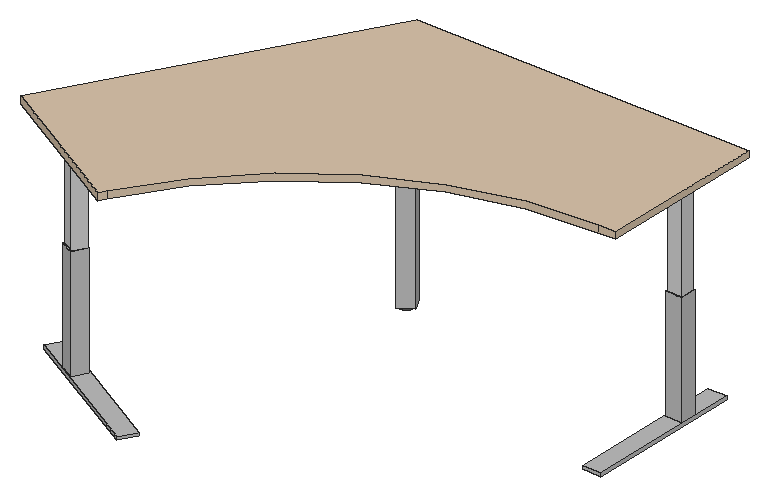
Revit family "Haworth_Planes_HeightAdjustTable_Corner120", category Furniture Systems, Revit 2019
Family settings
  Round Connector Dimension = Use Diameter
  Part Type = Normal
  OmniClass Number = 23.40.70.14.64.21
  OmniClass Title = Systems Furniture
  Work Plane-Based = No
  Always vertical = Yes
  Cut with Voids When Loaded = No
  Shared = No
  Room Calculation Point = No
Parameters (values of type "58w 29d")
  Width = 58"
  Warranty = "http://www.haworth.com/resources/product-info/warranties"
  URL - Product = "http://www.haworth.com/products/tables/height-adjustable/planes"
  Table Finish [instance] = Haworth _ Laminate _ Maple H-AE
  Table Edge Finish [instance] = Haworth _ Laminate _ Maple H-AE
  Sustainability Info = "https://www.haworth.com/company-info/sustainability"
  Model = "TACZ"  # constant formula
  Min/Max Width/Length = "52 or 58 in."  # constant formula
  Min/Max Depth = "23 or 29 in."  # constant formula
  Min. Height = 27"  # constant formula
  Max. Height = 46"  # constant formula
  Leg Trim Finish = Haworth _ Paint _ Black
  Leg Side Offset = if(Actual Depth < 29", 6 1/4", 3 1/4")  # 3 1/4"
  Leg Back Offset = if(Actual Depth < 29", 6 1/2", 9 3/32")  # 9 3/32"
  Leg Finish [instance] = Haworth _ Paint _ Metallic Champagne
  Leg Depth 29 = Actual Depth > 27"  # yes
  Leg Depth 23 = not(Leg Depth 29)  # no
  Height [instance] = 40"
  Depth = 29"
  Custom Size = not(and(or(Width = 52", Width = 58"), or(Depth = 23", Depth = 29")))  # no
  Crank Adjustment = no
  Description = "Haworth - Planes HAT Corner 120 - 58w 29d"
  URL = "www.haworth.com"
  Table Thickness = 1 3/16"  # constant formula
  Size = "Verify Final Dim. w/ Haworth"  # constant formula
  Revision Number = "2"  # constant formula
  Min. Width = 52"  # constant formula
  Max. Width = 58"  # constant formula
  Min. Depth = 23"  # constant formula
  Max. Depth = 29"  # constant formula
  Manufacturer = "Haworth"  # constant formula
  Leg Height [instance] = Actual Height - Table Thickness  # 38 13/16"
  Base Tube Finish = Haworth _ Paint _ Undecided _ Table
  Author = "Haworth (Hampton), Haworth (Alias)"  # constant formula
  Assembly Code = "E2020200"
  Actual Width = if(Width > Max. Width, Max. Width, if(Width < Min. Width, Min. Width, Width))  # 58"
  Actual Height [instance] = if(Height > Max. Height, Max. Height, if(Height < Min. Height, Min. Height, Height))  # 40"
  Actual Depth = if(Depth > Max. Depth, Max. Depth, if(Depth < Min. Depth, Min. Depth, Depth))  # 29"
Types (4): name | Width | Leg Side Offset | Leg Back Offset | Leg Depth 29 | Leg Depth 23 | Depth | Crank Adjustment | Description | Base Tube Finish | Actual Width | Actual Depth
  58w 29d | 58" | 3 1/4" | 9 3/32" | yes | no | 29" | no | "Haworth - Planes HAT Corner 120 - 58w 29d" | Haworth _ Paint _ Undecided _ Table | 58" | 29"
  58w 23d | 58" | 6 1/4" | 6 1/2" | no | yes | 23" | yes | "Haworth - Planes HAT Corner 120 - 58w 23d" | Haworth _ Paint _ Smoke | 58" | 23"
  52w 29d | 52" | 3 1/4" | 9 3/32" | yes | no | 29" | yes | "Haworth - Planes HAT Corner 120 - 52w 29d" | Haworth _ Paint _ Smoke | 52" | 29"
  52w 23d | 52" | 6 1/4" | 6 1/2" | no | yes | 23" | yes | "Haworth - Planes HAT Corner 120 - 52w 23d" | Haworth _ Paint _ Smoke | 52" | 23"
Reference planes (in)
  plane 1: z = 0
  plane 2 "Center L/R": x = 0
  plane 3 "Table Edge Left": through (15.47997, -63.91, 48) normal (-0.5, -0.866, 0)
  plane 4 "Table Edge Right": x = 58
  plane 5 "Table Edge Front": y = 12
  plane 6 "Table Edge Back": y = -17
  plane 7 "Top": z = 40
  plane 8 "Top Bottom": z = 38.8125
  plane 9 "Left Leg": through (-30.37727, -33.68153, 48) normal (0.5, 0.866, 0)
  plane 10 "Right Leg": x = 54.75
  plane 11 "Leg F/B": y = 2.90625
  plane 12: y = 6.03125
  plane 13: y = 5.15625
  plane 14: z = 37.5
  plane 15: z = 36.1875
  plane 16: y = -0.21875
  plane 17: y = 0.65625
  plane 18 "Back Angle": through (0, 12, 48) normal (0.866, -0.5, 0)
  plane 19: through (25.11474, -2.5, 48) normal (0.866, -0.5, 0)
  plane 20 "Table Center Angle": through (0, 12, 48) normal (0.5, 0.866, 0)
  plane 21 "Center Angle Leg": through (0, 12, 48) normal (0.866, 0.5, 0)
  plane 22 "Leg Location 2": through (-16.02699, -33.94705, 48) normal (-0.866, 0.5, 0)
  plane 23 "Lever Middle": x = 53.375
  plane 24: through (-21.86368, -37.8065, 30.54932) normal (0.866, -0.5, 0)
  plane 25: through (-21.1059, -38.244, 30.83155) normal (0.866, -0.5, 0)
  plane 26: z = 37.5
  plane 27: z = 36.1875
  plane 28: through (-16.45102, -40.9315, 30.54932) normal (0.866, -0.5, 0)
  plane 29: through (-17.20879, -40.494, 30.83155) normal (0.866, -0.5, 0)
  plane 30 "Post Leg Middle": through (4.25796, 4.625, 48) normal (-0.5, 0.866, 0)
  plane 31 "Void Bottom": z = 35
Forms (in)
  Extrusion 1, solid, material "Haworth _ Paint _ Black" <- "Leg Trim Finish"
    sketch origin (0, 0, 0) x (0, 1, 0) y (0, 0, 1)
      loop
        line (6.03125, 37.5) -> (6.03125, 38.8125) -> (-0.21875, 38.8125) -> (-0.21875, 37.5) -> (0.65625, 37.5) -> (0.65625, 36.1875) -> (5.15625, 36.1875) -> (5.15625, 37.5) -> (6.03125, 37.5)
    from 0 to 54.75
  Extrusion 2, void
    sketch origin (0, 0, 0) x (1, 0, 0) y (0, 1, 0)
      loop
        line (0, 12) -> (0, -17) -> (16.74316, -17) -> (0, 12)
    from 35 to 40
  Extrusion 3, void
    sketch origin (10.3923, 6, 0) x (-0.5, -0.866025, 0) y (0.866025, -0.5, 0)
      loop
        line (0, -12) -> (16.74316, 17) -> (0, 17) -> (0, -12)
    from 35 to 40
  Extrusion 4, solid, material "Haworth _ Paint _ Black" <- "Leg Trim Finish"
    sketch origin (-16.64046, -40.82212, 0) x (-0.866025, 0.5, 0) y (0, 0, 1)
      loop
        line (6.03125, 37.5) -> (6.03125, 38.8125) -> (-0.21875, 38.8125) -> (-0.21875, 37.5) -> (0.65625, 37.5) -> (0.65625, 36.1875) -> (5.15625, 36.1875) -> (5.15625, 37.5) -> (6.03125, 37.5)
    from -0.68447 to 54.06553
Cuts and joins
  Extrusion 2 cuts Extrusion 1
  Extrusion 3 cuts Extrusion 4
Dimensions and locks (in)
  "Actual Depth": plane 5 "Table Edge Front" to plane 6 "Table Edge Back"
  "Actual Height": plane 7 "Top" to level
  "Table Thickness": plane 7 "Top" to plane 8 "Top Bottom"
  "Leg Side Offset": plane 3 "Table Edge Left" to plane 9 "Left Leg"
  "Leg Side Offset": plane 10 "Right Leg" to plane 4 "Table Edge Right"
  plane 13 to plane 11 "Leg F/B" to plane 17 = 2 1/4", 2 1/4"
  plane 8 "Top Bottom" to plane 14 to plane 15 = 1 5/16" locked, 1 5/16" locked
  plane 12 to plane 11 "Leg F/B" to plane 16 = 3 1/8", 3 1/8"
  "Leg Back Offset": plane 5 "Table Edge Front" to plane 11 "Leg F/B"
  "Actual Depth": plane 19 to plane 18 "Back Angle"
  "Actual Width": plane 2 "Center L/R" to plane 4 "Table Edge Right"
  "Actual Width": plane 20 "Table Center Angle" to plane 3 "Table Edge Left"
  "Leg Back Offset": plane 22 "Leg Location 2" to plane 18 "Back Angle"
  locked: plane 23 "Lever Middle" to plane 10 "Right Leg" at 1.375
  locked: plane 26 to plane 27 at 1.3125
  locked: plane 8 "Top Bottom" to plane 26 at 1.3125
  plane 24 to plane 22 "Leg Location 2" to plane 28 = 3 1/8" locked, 3 1/8" locked
  plane 25 to plane 22 "Leg Location 2" to plane 29 = 2 1/4" locked, 2 1/4" locked
  locked: plane 7 "Top" to plane 31 "Void Bottom" at 5
  aligned and locked: plane 14 to Extrusion 1 sketch curve
  aligned and locked: Extrusion 1 sketch curve to plane 13
  aligned and locked: plane 15 to Extrusion 1 sketch curve
  aligned and locked: Extrusion 1 sketch curve to plane 17
  aligned and locked: Extrusion 1 sketch curve to plane 16
  aligned and locked: plane 8 "Top Bottom" to Extrusion 1 sketch curve
  aligned and locked: Extrusion 1 sketch curve to plane 12
  aligned: Extrusion 1 to plane 9 "Left Leg"
  aligned and locked: plane 10 "Right Leg" to Extrusion 1
  aligned and locked: Extrusion 2 to Extrusion 3
  aligned and locked: plane 7 "Top" to Extrusion 3
  aligned and locked: plane 7 "Top" to Extrusion 2
  aligned and locked: nested 1 to plane 8 "Top Bottom"
  aligned and locked: plane 6 "Table Edge Back" to nested 1
  aligned and locked: nested 1 to plane 23 "Lever Middle"
  aligned and locked: plane 26 to Extrusion 4 sketch curve
  aligned and locked: Extrusion 4 sketch curve to plane 25
  aligned and locked: plane 27 to Extrusion 4 sketch curve
  aligned and locked: Extrusion 4 sketch curve to plane 29
  aligned and locked: Extrusion 4 sketch curve to plane 28
  aligned and locked: Extrusion 4 sketch curve to plane 24
  aligned and locked: Extrusion 4 to plane 9 "Left Leg"
  aligned and locked: nested 4 to plane 1
  aligned and locked: plane 1 to nested 2
  aligned and locked: plane 1 to nested 3
  aligned and locked: plane 10 "Right Leg" to nested 4
  aligned and locked: nested 4 to plane 11 "Leg F/B"
  aligned and locked: plane 9 "Left Leg" to nested 3
  aligned and locked: nested 3 to plane 22 "Leg Location 2"
  aligned and locked: plane 21 "Center Angle Leg" to nested 2
  aligned and locked: nested 2 to plane 30 "Post Leg Middle"
  aligned and locked: Extrusion 4 sketch curve to plane 26
  aligned and locked: Extrusion 4 sketch curve to plane 8 "Top Bottom"
  aligned and locked: plane 20 "Table Center Angle" to Extrusion 4
  aligned and locked: Extrusion 1 to plane 2 "Center L/R"
  aligned and locked: plane 2 "Center L/R" to Extrusion 2 sketch curve
  aligned and locked: Extrusion 2 sketch curve to plane 21 "Center Angle Leg"
  aligned and locked: plane 6 "Table Edge Back" to Extrusion 2 sketch curve
  aligned and locked: plane 20 "Table Center Angle" to Extrusion 3 sketch curve
  aligned and locked: Extrusion 3 sketch curve to plane 21 "Center Angle Leg"
  aligned and locked: plane 19 to Extrusion 3 sketch curve
  aligned and locked: plane 31 "Void Bottom" to Extrusion 3
  aligned and locked: plane 31 "Void Bottom" to Extrusion 2
  aligned and locked: plane 1 to nested 5
  aligned and locked: plane 5 "Table Edge Front" to nested 5
  aligned and locked: plane 18 "Back Angle" to nested 5
Automatic sketch dimensions
  Extrusion 1 sketch curve to plane 14 = 0"
Nested families (in)
  nested 1: "Haworth_Planes-HAT-Crank" at (54, -16.875, 38.8125), visible <- "Crank Adjustment", type "Crank"
    with Bracket Width 1 1/4"
  nested 2: "Haworth_Support-Height_Adjustable_Leg-Post_Part" at (4.25796, 4.625, 0) x (0.866, 0.5, 0) z (0, 0, 1), type "Leg"
  nested 3: "Haworth_Support-Height_Adjustable_Leg_Part" at (-18.81208, -38.77098, 0) x (0.5, 0.866, 0) z (0, 0, 1), type "Leg"
    with Top Support Front 14 1/8", Leg Length Middle 9 1/8", Leg Length Front 19 5/16", Leg Length Back 8 1/8", Leg Height 38 13/16", Actual Depth 27 7/16", 29 Deep yes, 23 Deep no
  nested 4: "Haworth_Support-Height_Adjustable_Leg_Part" at (53.375, 2.90625, 0) x (-1, 0, 0) z (0, 0, 1), type "Leg"
    with Top Support Front 14 1/8", Leg Length Middle 9 1/8", Leg Length Front 19 5/16", Leg Length Back 8 1/8", Leg Height 38 13/16", Actual Depth 27 7/16", 29 Deep yes, 23 Deep no
  nested 5: "Haworth_Planes_Worksurface_Corner120_Part" at (0, 0, 0), type "Worksurface"
    with Min. Width 52", Max. Depth 29", Actual Height 40", Actual Depth 29"
Definition of nested family "Haworth_Planes-HAT-Crank"
  Parameters
    Trim Finish = none
    Lever Depth = 11"
    Bracket Width [instance] = 1 1/4"  # constant formula
    Hardware Finish = none
    Bracket Finish = none
    Assembly Code = ""
  Reference planes (in)
    plane 1 "Table Front": y = -0.125
    plane 2: z = 0
    plane 3 "Center L/R": x = 0
    plane 4 "Left": x = -0.625
    plane 5 "Right": x = 0.625
    plane 6 "Bar Front": y = 3.72736
    plane 7 "Bar Back": y = 14.72736
    plane 8 "Crank Back": y = 3.09744
    plane 9 "Crank Front": y = 2.59744
    plane 10 "Knob Front": y = 0.59744
    plane 11 "Knob Middle": z = -5.57716
    plane 12 "Bar Middle": z = -1.24016
  Forms (in)
    Extrusion 1, solid
      sketch origin (0, 0, 0) x (0, 1, 0) y (0, 0, 1)
        loop
          line (2.47112, 0) -> (2.47112, -0.125) -> (3.74381, -0.125) -> (3.74381, -1.875) -> (6.49381, -1.875) -> (6.49381, -0.125) -> (10.57086, -0.125) -> (10.57086, -1.875) -> (11.94586, -1.875) -> (11.94586, -1.75) -> (10.69586, -1.75) -> (10.69586, 0) -> (6.36881, 0) -> (6.36881, -1.75) -> (3.86881, -1.75) -> (3.86881, 0) -> (2.47112, 0)
      from -0.625 to 0.625
    Extrusion 2, solid, material <- "Hardware Finish"
      sketch origin (0, 3.09744, 0) x (0, 0, -1) y (1, 0, 0)
        loop
          line (1.24016, -0.43307) -> (5.58894, -0.28152)
          arc (5.58894, -0.28152) -> (5.86265, 0.00389) -> (5.58109, 0.28155) r 0.28159
          line (5.58109, 0.28155) -> (1.24016, 0.43307)
          arc (1.24016, 0.43307) -> (0.80709, 0) -> (1.24016, -0.43307) r 0.43307
      from 0 to 0.5
    Revolve 3, solid, material <- "Trim Finish"
      sketch origin (0, 0, 0) x (0, 1, 0) y (0, 0, 1)
        loop
          line (2.59744, -5.57716) -> (2.59744, -5.2397) -> (1.79831, -5.15571) -> (0.59744, -5.15571) -> (0.59744, -5.57716) -> (2.59744, -5.57716)
        axis (0.59744, -5.57716) -> (2.59744, -5.57716)
      angle from 0 to 360
    Revolve 4, solid, material <- "Hardware Finish"
      sketch origin (0, 0, 0) x (0, 1, 0) y (0, 0, 1)
        loop
          line (3.09744, -0.80709) -> (3.09744, -1.24016) -> (3.72736, -1.24016) -> (3.72736, -0.90551) -> (3.58317, -0.83827) -> (3.09744, -0.80709)
        axis (3.09744, -1.24016) -> (3.72736, -1.24016)
      angle from 0 to 360
    Extrusion 5, solid, material <- "Hardware Finish"
      sketch origin (0, 3.09744, 0) x (0, 0, -1) y (1, 0, 0)
        loop
          circle (1.24016, 0) r 0.25
      from -11.62992 to -0.62992
  Lines and regions (in)
    symbolic lines, detail levels medium+fine
      curve 1: line (0.42145, 0.59744, 0) -> (0.42145, 1.79831, 0)
      curve 2: line (0.42145, 1.79831, 0) -> (0.28155, 2.59744, 0)
      curve 3: line (0.28155, 2.59744, 0) -> (0.28155, 14.72736, 0)
      curve 4: line (-0.42145, 0.59744, 0) -> (-0.42145, 1.79831, 0)
      curve 5: line (-0.42145, 1.79831, 0) -> (-0.28155, 2.59744, 0)
      curve 6: line (-0.28155, 2.59744, 0) -> (-0.28155, 14.72736, 0)
      curve 7: line (-0.42145, 0.59744, 0) -> (0.42145, 0.59744, 0)
      curve 8: line (-0.28155, 14.72736, 0) -> (0.28155, 14.72736, 0)
  Dimensions and locks (in)
    equal spacing: plane 4 "Left", plane 3 "Center L/R", plane 5 "Right"
    "Bracket Width": plane 4 "Left" to plane 5 "Right"
    "Lever Depth": plane 6 "Bar Front" to plane 7 "Bar Back"
    locked: plane 8 "Crank Back" to plane 6 "Bar Front" at 0.62992
    locked: plane 9 "Crank Front" to plane 8 "Crank Back" at 0.5
    locked: plane 10 "Knob Front" to plane 9 "Crank Front" at 2
    locked: plane 1 "Table Front" to plane 10 "Knob Front" at 0.72244
    aligned and locked: level to plane 2
    aligned and locked: Extrusion 1 to plane 4 "Left"
    aligned and locked: Extrusion 1 to plane 5 "Right"
    aligned and locked: Extrusion 2 to plane 8 "Crank Back"
    aligned and locked: plane 9 "Crank Front" to Extrusion 2
    aligned and locked: Revolve 3 sketch curve to plane 11 "Knob Middle"
    aligned and locked: Revolve 4 sketch curve to plane 12 "Bar Middle"
    aligned and locked: plane 6 "Bar Front" to Extrusion 5
    aligned and locked: Extrusion 5 to plane 7 "Bar Back"
    aligned and locked: plane 7 "Bar Back" to curve 8
  Automatic sketch dimensions
    Extrusion 5 sketch curve to plane 3 "Center L/R" = 0"
    Extrusion 5 sketch curve to plane 12 "Bar Middle" = 0"
    Extrusion 1 sketch curve to level = 0"  (x2)
    plane 9 "Crank Front" to Extrusion 1 sketch curve = 0.12632"
    Extrusion 1 sketch curve to plane 6 "Bar Front" = 0.01645"
    Extrusion 1 sketch curve to plane 6 "Bar Front" = 0.14145"
    Extrusion 1 sketch curve to plane 12 "Bar Middle" = 0.50984"
    Extrusion 1 sketch curve to Extrusion 1 sketch curve = 2 1/2"
    Extrusion 1 sketch curve to Extrusion 1 sketch curve = 1/8"  (x4)
    Extrusion 1 sketch curve to plane 12 "Bar Middle" = 0.63484"
    Extrusion 1 sketch curve to Extrusion 1 sketch curve = 4.07706"
    Extrusion 1 sketch curve to Extrusion 1 sketch curve = 1 1/4"
    Extrusion 1 sketch curve to level = 1/8"  (x2)
    Extrusion 2 sketch curve to plane 12 "Bar Middle" = 0"
    Extrusion 2 sketch curve to plane 11 "Knob Middle" = 1/256"
    Extrusion 2 sketch curve to plane 11 "Knob Middle" = 0.01178"
    plane 4 "Left" to Extrusion 2 sketch curve = 0.19193"
    Extrusion 2 sketch curve to plane 3 "Center L/R" = 0.28152"
    Extrusion 2 sketch curve to plane 3 "Center L/R" = 0.00004"
    Extrusion 2 sketch curve to plane 3 "Center L/R" = 0"
    Revolve 3 sketch curve to plane 10 "Knob Front" = 0"
    Revolve 3 sketch curve to plane 9 "Crank Front" = 0"
    Revolve 3 sketch curve to plane 11 "Knob Middle" = 0"
    plane 10 "Knob Front" to Revolve 3 sketch curve = 0.27802"
    plane 9 "Crank Front" to Revolve 3 sketch curve = 0.79913"
    plane 6 "Bar Front" to Revolve 3 sketch curve = 0.14411"
    Revolve 3 sketch curve to Revolve 3 sketch curve = 0.33746"
    plane 11 "Knob Middle" to Revolve 3 sketch curve = 0.42145"
    Revolve 4 sketch curve to plane 9 "Crank Front" = 0"
    Revolve 4 sketch curve to plane 8 "Crank Back" = 0"
    Revolve 4 sketch curve to plane 6 "Bar Front" = 0"
    Revolve 4 sketch curve to plane 12 "Bar Middle" = 0"
    plane 6 "Bar Front" to Revolve 4 sketch curve = 0.14419"
    Revolve 4 sketch curve to plane 7 "Bar Back" = 1.79885"
    Revolve 4 sketch curve to Revolve 4 sketch curve = 0.33465"
    Revolve 4 sketch curve to Revolve 4 sketch curve = 0.06724"
    Revolve 4 sketch curve to Revolve 4 sketch curve = 0.43307"
    plane 10 "Knob Front" to curve 7 = 0"
    plane 9 "Crank Front" to curve 6 = 0"
    plane 9 "Crank Front" to curve 2 = 0"
    plane 4 "Left" to curve 5 = 0.20355"
    curve 6 to plane 3 "Center L/R" = 0.28155"
    plane 3 "Center L/R" to curve 2 = 0.28155"
    plane 5 "Right" to curve 7 = 0.20355"
    plane 9 "Crank Front" to curve 5 = 0.79913"
    plane 9 "Crank Front" to curve 2 = 0.79913"
    radius of Extrusion 5 sketch curve = 1/4"
Definition of nested family "Haworth_Support-Height_Adjustable_Leg-Post_Part"
  Parameters (values of type "Leg")
    URL = "www.haworth.com"
    Support Finish = none
    Note = "Verify Final Dim. w/ Haworth"  # constant formula
    Manufacturer = "Haworth"  # constant formula
    Leg Height = 38 13/16"
    Leg Finish = none
    Glide Finish = none
    Assembly Code = ""
  Reference planes (in)
    plane 1 "Center (Front/Back)": y = 0
    plane 2 "Bottom": z = 0
    plane 3 "Center (Left/Right)": x = 0
    plane 4 "Bottom of Top": z = 38.8125
    plane 5: z = 0.375
    plane 6: x = 1.375
    plane 7: x = -1.375
    plane 8 "Top of Leg": z = 20.4375
    plane 9: y = 8.03721
    plane 10: y = -8.03721
  Forms (in)
    Extrusion 1, solid, material <- "Leg Finish"
      sketch origin (0, 0, 2.5625) x (-1, 0, 0) y (0, -1, 0)
        loop
          line (1.375, -1.375) -> (1.375, 1.375) -> (-1.375, 1.375) -> (-1.375, -1.375) -> (1.375, -1.375)
      from -2.1875 to 17.875
    Extrusion 2, solid, material <- "Support Finish"
      sketch origin (0, 0, 2.5625) x (-1, 0, 0) y (0, -1, 0)
        loop
          line (1.1875, -1.1875) -> (1.1875, 1.1875) -> (-1.1875, 1.1875) -> (-1.1875, -1.1875) -> (1.1875, -1.1875)
      from 17.875 to 36.25
    Extrusion 3, solid, material <- "Glide Finish"
      sketch origin (0, 0, 0) x (1, 0, 0) y (0, 1, 0)
        loop
          circle (0, 0) r 1.12339
      from 0 to 0.375
  Lines and regions (in)
    Masking region 1, detail levels medium+fine
      outline origin (0, 0, 0) x (1, 0, 0) y (0, 1, 0)
        loop
          line (-1.375, 1.375) -> (-1.375, -1.375) -> (1.375, -1.375) -> (1.375, 1.375) -> (-1.375, 1.375)
  Dimensions and locks (in)
    level to plane 5 = 3/8"
    locked: plane 7 to plane 6 at 2.75
    equal spacing: plane 7, plane 3 "Center (Left/Right)", plane 6
    Extrusion 1 sketch curve to plane 1 "Center (Front/Back)" to Extrusion 1 sketch curve = 1 3/8", 1 3/8"
    plane 8 "Top of Leg" to level = 20 7/16"
    plane 3 "Center (Left/Right)" to Extrusion 1 = 1 3/8"
    locked: plane 8 "Top of Leg" to plane 2 "Bottom" at 20.4375
    locked: plane 5 to plane 2 "Bottom" at 0.375
    "Leg Height": plane 4 "Bottom of Top" to plane 2 "Bottom"
    aligned and locked: plane 7 to Extrusion 1 sketch curve
    aligned and locked: Extrusion 1 sketch curve to plane 6
    aligned: plane 4 "Bottom of Top" to Extrusion 1
    aligned and locked: plane 4 "Bottom of Top" to Extrusion 2
    aligned and locked: Extrusion 3 to plane 2 "Bottom"
    aligned and locked: Extrusion 3 to plane 5
    aligned and locked: plane 5 to Extrusion 1
    aligned and locked: plane 8 "Top of Leg" to Extrusion 1
    aligned and locked: Extrusion 2 to plane 8 "Top of Leg"
    aligned and locked: Extrusion 2 to plane 4 "Bottom of Top"
    aligned and locked: Masking region 1 sketch curve to Extrusion 1  (x4)
  Automatic sketch dimensions
    Extrusion 2 sketch curve to plane 6 = 3/16"
    plane 7 to Extrusion 2 sketch curve = 3/16"
    Extrusion 2 sketch curve to plane 1 "Center (Front/Back)" = 1 3/16"
    plane 1 "Center (Front/Back)" to Extrusion 2 sketch curve = 1 3/16"
    Extrusion 3 sketch curve to plane 3 "Center (Left/Right)" = 0"
    plane 1 "Center (Front/Back)" to Extrusion 3 sketch curve = 0"
    radius of Extrusion 3 sketch curve = 1.12339"
Definition of nested family "Haworth_Support-Height_Adjustable_Leg_Part"
  Parameters (values of type "Leg")
    URL = "www.haworth.com"
    Top Support Front = if([29 Deep], 14 1/8", 8 1/8")  # 8 1/8"
    Note = "Verify Final Dim. w/ Haworth"  # constant formula
    Manufacturer = "Haworth"  # constant formula
    Leg Length Middle = if([29 Deep], 9 1/8", 7 1/8")  # 7 1/8"
    Leg Length Front = if([29 Deep], 19 5/16", 16 5/16")  # 16 5/16"
    Leg Length Back = if([29 Deep], 8 1/8", 5 1/8")  # 5 1/8"
    Leg Height = 27 13/16"
    Leg Finish = none
    Glide Finish = none
    Base Tube Finish = none
    Assembly Code = ""
    Actual Depth = if([29 Deep], 27 7/16", 21 7/16")  # 21 7/16"
    29 Deep = not([23 Deep])  # no
    23 Deep = yes
  Reference planes (in)
    plane 1 "Center (Front/Back)": y = 0
    plane 2 "Bottom": z = 0
    plane 3 "Center (Left/Right)": x = 0
    plane 4 "Bottom of Top": z = 27.8125
    plane 5: z = 0.375
    plane 6: y = 2.4375
    plane 7: y = -12.125
    plane 8: x = 1.375
    plane 9: x = -1.375
    plane 10: x = -1.625
    plane 11: x = 1.625
    plane 12: y = 5.125
    plane 13: y = -16.3125
    plane 14: y = -14.9375
    plane 15: y = 3.9375
    plane 16 "Support Bottom": z = 25.1875
    plane 17: y = 7.875
    plane 18: y = -8.125
    plane 19 "Top Base": z = 0.875
    plane 20 "Top of Leg": z = 20.4375
  Forms (in)
    Extrusion 1, solid, material <- "Leg Finish"
      sketch origin (0, 0, 0) x (0, -1, 0) y (0, 0, -1)
        loop
          line (16.3125, -0.375) -> (-5.125, -0.375) -> (-5.125, -0.875) -> (16.3125, -0.875) -> (16.3125, -0.375)
      from -1.625 to 1.625
    Extrusion 2, solid, material <- "Leg Finish"
      sketch origin (0, 0, 2.5625) x (-1, 0, 0) y (0, -1, 0)
        loop
          line (1.375, -1.375) -> (1.375, 1.375) -> (-1.375, 1.375) -> (-1.375, -1.375) -> (1.375, -1.375)
      from -1.6875 to 17.875
    Extrusion 3, solid, material <- "Leg Finish"
      sketch origin (-1.375, -19.87459, 48) x (0, -1, 0) y (0, 0, -1)
        loop
          line (-10.24959, 20.1875) -> (-10.24959, 21.66628) -> (-16.14638, 22.8125) -> (-20.66006, 22.8125) -> (-26.24959, 20.55418) -> (-26.24959, 20.1875) -> (-10.24959, 20.1875)
      from 0 to -0.125
    Extrusion 4, solid, material <- "Base Tube Finish"
      sketch origin (0, 0, 2.5625) x (-1, 0, 0) y (0, -1, 0)
        loop
          line (1.1875, -1.1875) -> (1.1875, 1.1875) -> (-1.1875, 1.1875) -> (-1.1875, -1.1875) -> (1.1875, -1.1875)
      from 17.875 to 25.25
    Extrusion 5, solid, material <- "Glide Finish"
      sketch origin (0, 0, 0) x (1, 0, 0) y (0, 1, 0)
        loop
          circle (0, 2.4375) r 1.12339
        loop
          circle (0, -12.125) r 1.12816
      from 0 to 0.375
  Cuts and joins
    joined: Extrusion 1, Extrusion 2
  Lines and regions (in)
    Masking region 1, detail levels medium+fine
      outline origin (0, 0, 0) x (1, 0, 0) y (0, 1, 0)
        loop
          line (-1.625, -16.3125) -> (1.625, -16.3125) -> (1.625, 5.125) -> (-1.625, 5.125) -> (-1.625, -16.3125)
    symbolic lines, detail levels medium+fine
      curve 1: line (-1.375, 1.375, 0) -> (1.375, 1.375, 0)
      curve 2: line (-1.375, -1.375, 0) -> (-1.375, 1.375, 0)
      curve 3: line (1.375, -1.375, 0) -> (-1.375, -1.375, 0)
      curve 4: line (1.375, 1.375, 0) -> (1.375, -1.375, 0)
  Dimensions and locks (in)
    "Leg Height": plane 4 "Bottom of Top" to level
    level to plane 5 = 3/8"
    locked: plane 9 to plane 8 at 2.75
    locked: plane 10 to plane 11 at 3.25
    equal spacing: plane 10, plane 3 "Center (Left/Right)", plane 11
    equal spacing: plane 9, plane 3 "Center (Left/Right)", plane 8
    locked: plane 4 "Bottom of Top" to plane 16 "Support Bottom" at 2.625
    Extrusion 2 sketch curve to plane 1 "Center (Front/Back)" to Extrusion 2 sketch curve = 1 3/8", 1 3/8"
    "Leg Length Front": plane 13 to plane 1 "Center (Front/Back)"
    "Leg Length Back": plane 1 "Center (Front/Back)" to plane 12
    locked: plane 13 to plane 14 at 1.375
    locked: plane 14 to plane 7 at 2.8125
    locked: plane 15 to plane 12 at 1.1875
    locked: plane 6 to plane 15 at 1.5
    plane 1 "Center (Front/Back)" to plane 12 = 5 1/8"
    "Top Support Front": plane 18 to plane 1 "Center (Front/Back)"
    plane 19 "Top Base" to plane 5 to plane 2 "Bottom" = 1/2" locked, 3/8" locked
    locked: plane 20 "Top of Leg" to plane 2 "Bottom" at 20.4375
    angle plane 4 "Bottom of Top" to Extrusion 3 sketch curve = 22.00°
    angle Extrusion 3 sketch curve to plane 4 "Bottom of Top" = 11.00°
    aligned and locked: plane 11 to Extrusion 1
    aligned and locked: Extrusion 1 to plane 10
    aligned and locked: plane 9 to Extrusion 2 sketch curve
    aligned and locked: Extrusion 2 sketch curve to plane 8
    aligned: plane 4 "Bottom of Top" to Extrusion 2
    aligned and locked: Extrusion 3 sketch curve to plane 16 "Support Bottom"
    aligned and locked: Extrusion 3 sketch curve to plane 4 "Bottom of Top"
    aligned and locked: plane 4 "Bottom of Top" to Extrusion 4
    aligned and locked: Extrusion 2 to Extrusion 1
    aligned and locked: Masking region 1 sketch curve to plane 11
    aligned and locked: plane 10 to Masking region 1 sketch curve
    aligned and locked: plane 13 to Masking region 1 sketch curve
    aligned and locked: curve 1 to cut or joined group of Extrusion 1, Extrusion 2
    aligned and locked: curve 2 to cut or joined group of Extrusion 1, Extrusion 2
    aligned and locked: curve 3 to cut or joined group of Extrusion 1, Extrusion 2
    aligned and locked: curve 4 to cut or joined group of Extrusion 1, Extrusion 2
    aligned and locked: Extrusion 5 to plane 2 "Bottom"
    aligned and locked: plane 5 to cut or joined group of Extrusion 1, Extrusion 2
    aligned and locked: Extrusion 5 to plane 5
    aligned and locked: plane 19 "Top Base" to cut or joined group of Extrusion 1, Extrusion 2
    aligned and locked: cut or joined group of Extrusion 1, Extrusion 2 to plane 19 "Top Base"
    aligned and locked: plane 20 "Top of Leg" to cut or joined group of Extrusion 1, Extrusion 2
    aligned and locked: Extrusion 4 to plane 20 "Top of Leg"
    aligned and locked: Extrusion 4 to plane 4 "Bottom of Top"
  Automatic sketch dimensions
    plane 17 to Extrusion 3 sketch curve = 1 1/2"
    plane 18 to Extrusion 3 sketch curve = 1 1/2"
    plane 1 "Center (Front/Back)" to Extrusion 3 sketch curve = 0.78546"
    Extrusion 3 sketch curve to plane 1 "Center (Front/Back)" = 3.72822"
    Extrusion 4 sketch curve to plane 8 = 3/16"
    plane 9 to Extrusion 4 sketch curve = 3/16"
    Extrusion 4 sketch curve to plane 1 "Center (Front/Back)" = 1 3/16"
    plane 1 "Center (Front/Back)" to Extrusion 4 sketch curve = 1 3/16"
    Extrusion 5 sketch curve to plane 3 "Center (Left/Right)" = 0"  (x2)
    Extrusion 5 sketch curve to plane 7 = 0"
    Extrusion 5 sketch curve to plane 6 = 0"
    Extrusion 1 sketch curve to plane 12 = 0"
    Extrusion 1 sketch curve to plane 13 = 0"
    Extrusion 1 sketch curve to level = 3/8"
    Extrusion 1 sketch curve to Extrusion 1 sketch curve = 1/2"
    Masking region 1 sketch curve to plane 12 = 0"
    radius of Extrusion 5 sketch curve = 1.12339"
    radius of Extrusion 5 sketch curve = 1.12816"
Definition of nested family "Haworth_Planes_Worksurface_Corner120_Part"
  Parameters (values of type "Worksurface")
    Warranty = "http://www.haworth.com/resources/product-info/warranties"
    URL - Product = "http://www.haworth.com/products/tables/height-adjustable/planes"
    Table Radius = if(and(Actual Depth > 24", Actual Width < 55"), 49 197/256", if(and(Actual Depth < 25", Actual Width < 55"), 56 197/256", if(and(Actual Depth > 24", Actual Width > 54"), 66 41/256", 72 41/256")))  # 66 41/256"
    Table Finish = none
    Table Edge Finish = none
    Sustainability Info = "https://www.haworth.com/company-info/sustainability"
    Model = "TACZ"  # constant formula
    Description = "Haworth - Planes Worksurface Corner 120 - Part"
    URL = "www.haworth.com"
    Table Thickness = 1 3/16"  # constant formula
    Size = "Verify Final Dim. w/ Haworth"  # constant formula
    Revision Number = "1"  # constant formula
    Min. Width = 46"
    Max. Width = 58"
    Min. Depth = 23"
    Max. Depth = 30"
    Manufacturer = "Haworth"  # constant formula
    Author = "Haworth (Alias)"  # constant formula
    Assembly Code = "E2020200"
    Actual Width = 58"
    Actual Height = 42"
    Actual Depth = 30"
  Reference planes (in)
    plane 1 "Bottom": z = 0
    plane 2 "Table Center Angle 2": x = 0
    plane 3 "Table Edge Left": through (15.47997, -63.91, 48) normal (-0.5, -0.866, 0)
    plane 4 "Table Edge Right": x = 58
    plane 5 "Table Edge Front": y = 12
    plane 6 "Table Edge Back": y = -18
    plane 7 "Top": z = 42
    plane 8 "Top Bottom": z = 40.8125
    plane 9 "Back Angle": through (0, 12, 48) normal (0.866, -0.5, 0)
    plane 10: through (25.98076, -3, 48) normal (0.866, -0.5, 0)
    plane 11 "Table Center Angle 1": through (0, 12, 48) normal (0.5, 0.866, 0)
    plane 12 "Center Angle Leg": through (0, 12, 48) normal (0.866, 0.5, 0)
    plane 13 "Knife Edge Middle": z = 41.625
  Forms (in)
    Extrusion 1, solid, material <- "Table Finish"
      sketch origin (0, 0, 42) x (-1, 0, 0) y (0, -1, 0)
        loop
          line (-58, 18) -> (-58, -12) -> (0, -12) -> (29, 38.22947) -> (3.01924, 53.22947) -> (2.35612, 52.08092)
          arc (2.35612, 52.08092) -> (-21.92978, 27.15343) -> (-55.50655, 18) r 66.16016
          line (-55.50655, 18) -> (-58, 18)
      from 0 to -1.1875
  Lines and regions (in)
    Masking region 1
      outline origin (0, 0, 42) x (-1, 0, 0) y (0, -1, 0)
        loop
          line (-58, 18) -> (-58, -12) -> (0, -12) -> (29, 38.22947) -> (3.01924, 53.22947) -> (2.35612, 52.08092)
          arc (2.35612, 52.08092) -> (-21.92978, 27.15343) -> (-55.50655, 18) r 66.16016
          line (-55.50655, 18) -> (-58, 18)
  Dimensions and locks (in)
    "Actual Depth": plane 5 "Table Edge Front" to plane 6 "Table Edge Back"
    "Actual Height": plane 7 "Top" to level
    "Table Thickness": plane 7 "Top" to plane 8 "Top Bottom"
    "Actual Depth": plane 10 to plane 9 "Back Angle"
    "Actual Width": plane 2 "Table Center Angle 2" to plane 4 "Table Edge Right"
    "Actual Width": plane 11 "Table Center Angle 1" to plane 3 "Table Edge Left"
    locked: plane 7 "Top" to plane 13 "Knife Edge Middle" at 0.375
    "Table Radius": radius of Masking region 1 sketch curve
    "Table Radius": radius of Extrusion 1 sketch curve
    aligned and locked: Extrusion 1 to plane 8 "Top Bottom"
    aligned and locked: plane 7 "Top" to Extrusion 1
    aligned and locked: plane 3 "Table Edge Left" to Masking region 1 sketch curve
    aligned and locked: Masking region 1 sketch curve to plane 9 "Back Angle"
    aligned and locked: plane 4 "Table Edge Right" to Masking region 1 sketch curve
    aligned and locked: plane 5 "Table Edge Front" to Masking region 1 sketch curve
    aligned and locked: plane 6 "Table Edge Back" to Masking region 1 sketch curve
    aligned and locked: plane 10 to Masking region 1 sketch curve
    aligned and locked: plane 5 "Table Edge Front" to Extrusion 1 sketch curve
    aligned and locked: Extrusion 1 sketch curve to plane 9 "Back Angle"
    aligned and locked: plane 3 "Table Edge Left" to Extrusion 1 sketch curve
    aligned and locked: plane 10 to Extrusion 1 sketch curve
    aligned and locked: plane 6 "Table Edge Back" to Extrusion 1 sketch curve
    aligned and locked: plane 4 "Table Edge Right" to Extrusion 1 sketch curve
  Automatic sketch dimensions
    Masking region 1 sketch curve to Masking region 1 sketch curve = 0.66312"
    Extrusion 1 sketch curve to Extrusion 1 sketch curve = 0.66312"
